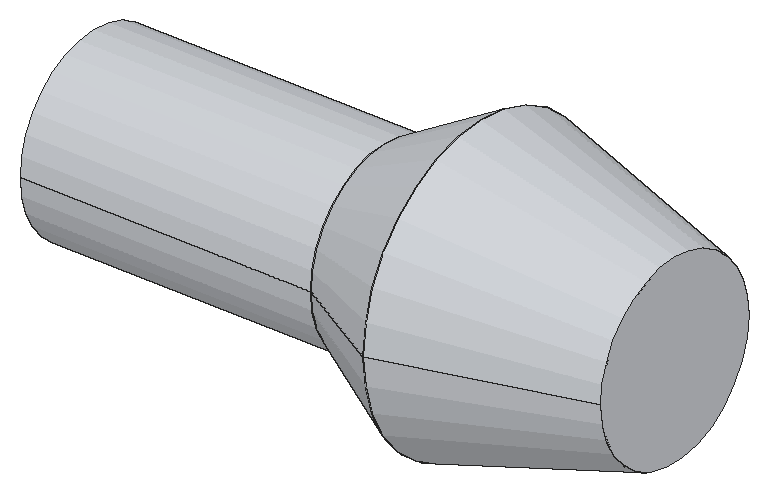
Revit family "M_Conexão de ramificação - Soldada - Genérica", category Conexões de tubo, Revit 2019
Family settings
  Cota do conector redondo = Usar raio
  Tipo de parte = Conexão - Perpendicular
  Número OmniClass = 23.60.30.11.14
  Título OmniClass = Pipework Fittings
  ID de item do Seek = Branch Connection - Welded - Generic-0000-CAN-ENU
  Com base no plano de trabalho = Não
  Sempre na vertical = Sim
  Corte com vazios quando carregada = Não
  Compartilhado = Não
Parameters (values of type "Padrão")
  built-in parameter 1114214 [instance] = 25 mm
  built-in parameter 1114213 [instance] = 25 mm
  built-in parameter 1114215 [instance] = size_lookup(Nome da tabela de pesquisa, "Lgt", 0.2 * Diâmetro nominal + 27.583 mm, Diâmetro nominal)  # 0.052083 (stored number, unit not read)
  Raio nominal [instance] = 3 mm
  Diâmetro nominal [instance] = Raio nominal * 2  # 6 mm
  Método de perda = Não definido
  Nome da tabela de pesquisa = "M_Branch Connection - Welded - Generic"
  Raio externo da conexão 2 [instance] = Diâmetro externo da conexão 2 / 2  # 7.938 mm
  Raio externo da conexão 1 [instance] = Diâmetro externo da conexão 1 / 2  # 12.7 mm
  Diâmetro externo da conexão 2 [instance] = size_lookup(Nome da tabela de pesquisa, "FOD2", 0.99 * Diâmetro nominal + 12.7 mm, Diâmetro nominal)  # 15.875 mm
  Diâmetro externo da conexão 1 [instance] = size_lookup(Nome da tabela de pesquisa, "FOD1", 1.11 * Diâmetro nominal + 32.246 mm, Diâmetro nominal)  # 25.4 mm
Reference planes
  plane 1 "Centro (Frente/Trás)": y = 0
  plane 2: z = 0
  plane 3 "Centro (Esquerda/Direita)": x = 0
  plane 4: x = -25
  plane 5: x = 25
  plane 6: x = 8.333
  plane 7: x = 16.667
Forms (mm)
  Extrusion 1, solid, detail levels fine
    sketch origin (0, 0, 0) x (0, 1, 0) y (0, 0, 1)
      loop
        circle (0, 0) r 7.938
    from -25 to 0
  Blend 2, solid, detail levels fine
    base sketch origin (0, 0, 0) x (0, 1, 0) y (0, 0, 1)
      loop
        circle (0, 0) r 7.938
    top sketch origin (0, 0, 0) x (0, 1, 0) y (0, 0, 1)
      loop
        circle (0, 0) r 12.7
    from 0 to 8.333
  Blend 3, solid, detail levels fine
    base sketch origin (0, 0, 0) x (0, 1, 0) y (0, 0, 1)
      loop
        circle (0, 0) r 7.938
    top sketch origin (0, 0, 0) x (0, 1, 0) y (0, 0, 1)
      loop
        circle (0, 0) r 12.7
    from 25 to 8.333
Dimensions and locks
  "built-in parameter 1114214": plane 4 to plane 3 "Centro (Esquerda/Direita)"
  "built-in parameter 1114213": plane 3 "Centro (Esquerda/Direita)" to plane 5
  equal spacing: plane 3 "Centro (Esquerda/Direita)", plane 6, plane 7, plane 5
  "Raio externo da conexão 2": radius of Extrusion 1 sketch curve
  "Raio externo da conexão 2": radius of Blend 2 sketch curve
  "Raio externo da conexão 1": radius of Blend 2 sketch curve
  "Raio externo da conexão 2": radius of Blend 3 sketch curve
  "Raio externo da conexão 1": radius of Blend 3 sketch curve
  aligned and locked: plane 2 to level
  aligned and locked: plane 2 to Extrusion 1 sketch curve
  aligned and locked: plane 1 "Centro (Frente/Trás)" to Extrusion 1 sketch curve
  aligned and locked: Extrusion 1 to plane 4
  aligned and locked: plane 3 "Centro (Esquerda/Direita)" to Extrusion 1
  aligned and locked: plane 2 to Blend 2 sketch curve  (x2)
  aligned and locked: plane 1 "Centro (Frente/Trás)" to Blend 2 sketch curve  (x2)
  aligned and locked: Blend 2 to plane 3 "Centro (Esquerda/Direita)"
  aligned and locked: plane 6 to Blend 2
  aligned and locked: plane 2 to Blend 3 sketch curve  (x2)
  aligned and locked: plane 1 "Centro (Frente/Trás)" to Blend 3 sketch curve  (x2)
  aligned and locked: Blend 3 to plane 5
  aligned and locked: Blend 3 to plane 6
Connectors
  piping at (0, 0, 0), diameter 6, driven by "Raio nominal"
    settings: on Blend 2, index 1, connector inside diameter 6 mm, connector length 0 mm, flow factor 0, pipe flow 0.0 L/s, pressure drop 0.0 Pa, fitting loss kfactor 0, connector angle 0.00°, fixture units 0, engagement length 0 mm, angle of deflection 0.00°, flow configuration 0, flow direction 0, fitting loss method 0, system type 28, joint type 0, gender type 0, connector reference index 2, connector utility 0, adjustable connector no, is connector primary yes, connector description ""
  piping at (25, 0, 0), diameter 6, driven by "Raio nominal"
    settings: on Blend 3, index 2, connector inside diameter 6 mm, connector length 0 mm, flow factor 0, pipe flow 0.0 L/s, pressure drop 0.0 Pa, fitting loss kfactor 0, connector angle 0.00°, fixture units 0, engagement length 0 mm, angle of deflection 0.00°, flow configuration 0, flow direction 0, fitting loss method 0, system type 28, joint type 0, gender type 0, connector reference index 1, connector utility 0, adjustable connector no, is connector primary no, connector description ""
